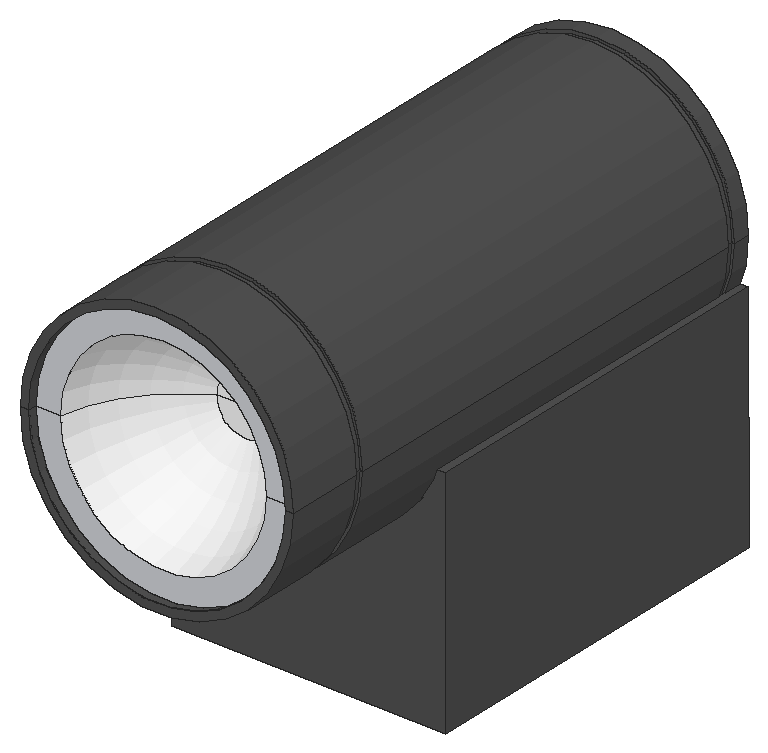
Revit family "0047059", category Lighting Fixtures, host Face, Revit 2016
Family settings
  Host = Face
  Part Type = Normal
  Round Connector Dimension = Use Diameter
  OmniClass Number = 23.80.70.00
  OmniClass Title = Lighting
  Cut with Voids When Loaded = No
  Light Source = Yes
  Shared = No
  Room Calculation Point = No
Parameters (values of type "0047059 ST SRF WLL R IP54 465LM 840 BLK")
  Weight = "8.0 kg"
  Wattage Comments = ""
  Wattage = 7 W
  WarrantyStartDate [instance] = "n/a"
  WarrantyGuarantorParts = "n/a"
  WarrantyDurationUnit = "n/a"
  WarrantyDurationParts = "n/a"
  WarrantyDescription = "n/a"
  built-in parameter 1150110 = 1 (stored number, unit not read)
  Voltage = 230 V
  URL = "http://www.sylvania-lighting.com"
  TypeName = "START Surface Wall Round IP54 465lm 840 BLK"
  Type Image = <None>
  Type Comments = "n/a"
  built-in parameter 1114217 = 1 (stored number, unit not read)
  Tilt Angle = -90.00°
  built-in parameter 1150109 = 1 (stored number, unit not read)
  built-in parameter 1150134 = (empty or 0)
  built-in parameter 1150113 = 1 (stored number, unit not read)
  SerialNumber [instance] = "n/a"
  Photometric Web File = "0047059.ies"
  Material_3_SYL = Lens-Sylvania
  PowerFactor = 0.82
  PowerConsumption = "7 W"
  NominalLength = 135 mm
  NominalHeight = 65 mm
  NominalDepth = 99 mm
  Name = "START Surface Wall Round IP54 465lm 840 BLK"
  ModelReference = Name  # "START Surface Wall Round IP54 465lm 840 BLK"
  ModelNumber = "0047059"
  Model = Name  # "START Surface Wall Round IP54 465lm 840 BLK"
  Material = "aluminum housing, glass diffuser"
  ManufacturerName = "Feilo Sylvania"
  Manufacturer = "Feilo Sylvania"
  LuminousEfficacy = "66 lm/W"
  built-in parameter 1150105 = 36.765 (stored number, unit not read)
  Lumens = 462 lm
  LuminaireType = ""
  built-in parameter 1150115 = 1 (stored number, unit not read)
  LightOutputRatio = "n/a"
  built-in parameter 1150137 = (empty or 0)
  built-in parameter 1150139 = (empty or 0)
  LampsType = Lamp  # "LED"
  LampNominalLuminous = "465 lm"
  LampMacAdamStep = "6"
  LampColourTemperature = "3000 K"
  LampColourRenderingIndex = "80"
  built-in parameter 1150112 = 1 (stored number, unit not read)
  built-in parameter 1150114 = 1 (stored number, unit not read)
  Lamp = "LED"
  Keynote = "16500"
  InstallationDate [instance] = "n/a"
  InputVoltage = "n/a"
  InputNominalFrequency = "n/a"
  built-in parameter 1150132 = (empty or 0)
  built-in parameter 1150102 = (empty or 0)
  built-in parameter 1150107 = 3000 (stored number, unit not read)
  built-in parameter 1150138 = (empty or 0)
  IngressProtection = "IP54"
  ImpactProtectionIndex = "IK07"
  built-in parameter 1150106 = 0.36765 (stored number, unit not read)
  IfcExportType = "IfcLightFixtureType"
  IfcExportAs = "IfcLightFixtureType"
  Emit from Circle Diameter = 45 mm
  Emit Shape Visible in Rendering = no
  ElectricShockClassification = "Class I"
  built-in parameter 1150104 = 6.1316 (stored number, unit not read)
  DocumentationLiterature = "http://www.sylvania-lighting.com/product/en-int/products/0047059"
  DimmingControlOptions = "n/a"
  Material_2_SYL = LED-Sylvania
  Dimming Lamp Color Temperature Shift = <None>
  Description = ""
  Default Elevation = 1219.2 mm
  CreatedOn = "1/31/2019"
  CreatedBy = "@sylvania-lighting.com"
  Cost = 0
  Color Filter = 16777215
  built-in parameter 1114216 [instance] = (empty or 0)
  ClassificationValue = "EF_70_80"
  ClassificationName = "Uniclass2015"
  Material_1_SYL = Body-Sylvania-STARTSurfaceWall
  BarCode [instance] = "n/a"
  built-in parameter 1114218 = 1 (stored number, unit not read)
  built-in parameter 1150133 = 10 (stored number, unit not read)
  AssetType = "Fixed"
  AssetIdentifier [instance] = "n/a"
  Assembly Code = "D5020200"
  Apparent Load = 7 VA
  Material_4_SYL = Reflector-Sylvania
Reference planes
  plane 1 "Center (Front/Back)": y = 0
  plane 2: z = 0
  plane 3 "Center (Left/Right)": x = 0
  plane 4: y = 45
  plane 5: y = -45
  plane 6: y = -90
  plane 7: x = 32.5
  plane 8: x = -32.5
  plane 9: z = 99
  plane 10: z = 66.5
  plane 11: z = 55.5
  plane 12: y = -69.5
  plane 13: y = -71.5
  plane 14: x = -31.7
  plane 15: y = 41
  plane 16: y = 39
  plane 17: x = -24.5
  plane 18: x = -30.5
  plane 19: y = -63.75
  plane 20: y = -88
  plane 21: x = -6.875
Forms (mm)
  Extrusion 1, solid, material "Body-Sylvania-STARTSurfaceWall" <- "Material_1_SYL"
    sketch origin (0, 0, 0) x (1, 0, 0) y (0, 0, 1)
      loop
        line (-32.5, 0) -> (32.5, 0) -> (32.5, 55.5) -> (30.582, 55.5)
        arc (30.582, 55.5) -> (0, 34) -> (-30.582, 55.5) r 32.5
        line (-30.582, 55.5) -> (-32.5, 55.5) -> (-32.5, 0)
    from -45 to 45
  Revolve 2, solid, material "Body-Sylvania-STARTSurfaceWall" <- "Material_1_SYL"
    sketch origin (1659.773, -4572, 66.5) x (0, -1, 0) y (1, 0, 0)
      loop
        line (-4617, -1659.773) -> (-4617, -1692.273) -> (-4613, -1692.273) -> (-4613, -1691.473) -> (-4611, -1691.473) -> (-4611, -1692.273) -> (-4502.5, -1692.273) -> (-4502.5, -1691.473) -> (-4500.5, -1691.473) -> (-4500.5, -1692.273) -> (-4482, -1692.273) -> (-4482, -1690.273) -> (-4613, -1690.273) -> (-4613, -1659.773) -> (-4617, -1659.773)
      axis (-4617, -1659.773) -> (-4482, -1659.773)
    angle from 360 to 0
  Extrusion 3, solid, material "Lens-Sylvania" <- "Material_3_SYL"
    sketch origin (1524, -88, 1219.2) x (1, 0, 0) y (0, 0, 1)
      loop
        circle (-1524, -1152.7) r 30.5
    from 0 to 2
  Revolve 4, solid
    sketch origin (1659.773, -4572, 66.5) x (0, -1, 0) y (1, 0, 0)
      loop
        arc (-4484, -1684.273) -> (-4498.09, -1678.165) -> (-4508.25, -1666.648) r 35.276
        line (-4508.25, -1666.648) -> (-4508.25, -1659.773) -> (-4611, -1659.773) -> (-4611, -1690.273) -> (-4484, -1690.273) -> (-4484, -1684.273)
      axis (-4611, -1659.773) -> (-4484, -1659.773)
    angle from 360 to 0
Lines and regions (mm)
  Split face 1
    outline origin (1524, -90, 1219.2) x (1, 0, 0) y (0, 0, 1)
      loop
        circle (-1524, -1152.7) r 24.5
  reference lines
    curve 1: circle (0, 0, 66.5) r 32.5 normal (0, -1, 0)
    curve 2: circle (0, -90, 66.5) r 24.5 normal (0, -1, 0)
Dimensions and locks
  locked: plane 9 to plane 2 at 99
  equal spacing: plane 8, plane 3 "Center (Left/Right)", plane 7
  locked: plane 8 to plane 7 at 65
  locked: plane 9 to plane 10 at 32.5
  locked: plane 10 to plane 11 at 11
  locked: plane 8 to plane 14 at 0.8
  locked: plane 8 to plane 17 at 8
  locked: plane 8 to plane 18 at 2
  locked: plane 21 to plane 3 "Center (Left/Right)" at 6.875
  locked: plane 1 "Center (Front/Back)" to plane 4 at 45
  locked: plane 6 to plane 4 at 135
  locked: plane 6 to plane 20 at 2
  plane 12 to plane 19 to plane 5 to plane 16 to plane 15 to plane 4 = 5.75 mm locked, 18.75 mm locked, 84 mm locked, 2 mm locked, 4 mm locked
  locked: plane 13 to plane 12 at 2
  aligned and locked: plane 2 to host face
  aligned and locked: level to host face
  aligned and locked: plane 3 "Center (Left/Right)" to curve 1
  aligned and locked: plane 10 to curve 1
  aligned and locked: Extrusion 1 sketch curve to curve 1
  aligned and locked: plane 7 to Extrusion 1 sketch curve
  aligned and locked: Extrusion 1 sketch curve to host face
  aligned and locked: plane 11 to Extrusion 1 sketch curve  (x2)
  aligned and locked: plane 5 to Extrusion 1
  aligned and locked: Extrusion 1 to plane 4
  aligned and locked: Revolve 2 sketch curve to plane 3 "Center (Left/Right)"  (x2)
  aligned and locked: Revolve 2 sketch curve to Extrusion 1  (x2)
  aligned and locked: plane 15 to Revolve 2 sketch curve
  aligned and locked: plane 14 to Revolve 2 sketch curve  (x2)
  aligned and locked: plane 16 to Revolve 2 sketch curve
  aligned and locked: plane 8 to Revolve 2 sketch curve  (x2)
  aligned and locked: Revolve 2 sketch curve to plane 12
  aligned and locked: plane 13 to Revolve 2 sketch curve
  aligned and locked: Revolve 2 sketch curve to plane 6
  aligned and locked: Revolve 2 sketch curve to plane 15
  aligned and locked: plane 3 "Center (Left/Right)" to curve 2
  aligned and locked: plane 10 to curve 2
  aligned and locked: plane 3 "Center (Left/Right)" to Extrusion 3 sketch curve
  aligned and locked: plane 10 to Extrusion 3 sketch curve
  aligned and locked: plane 6 to Extrusion 3
  aligned and locked: Extrusion 3 to plane 20
  aligned and locked: Split face 1 sketch curve to curve 2
  aligned and locked: Revolve 4 sketch curve to plane 3 "Center (Left/Right)"
  aligned and locked: plane 20 to Revolve 4 sketch curve
  aligned and locked: Revolve 4 sketch curve to plane 18
  aligned and locked: Revolve 4 sketch curve to plane 16
  aligned and locked: plane 3 "Center (Left/Right)" to Revolve 4 sketch curve
  aligned and locked: imposter light to plane 10
  aligned and locked: plane 6 to imposter light
  aligned and locked: plane 3 "Center (Left/Right)" to imposter light
Automatic sketch dimensions
  host sketch curve to host sketch curve = 2438.4 mm  (x2)
  Extrusion 1 sketch curve to plane 8 = 0 mm
  Extrusion 1 sketch curve to plane 7 = 0 mm
  Revolve 2 sketch curve to plane 18 = 0 mm
  Revolve 2 sketch curve to plane 4 = 1479 mm
  plane 6 to Revolve 2 sketch curve = 1440 mm
  plane 19 to Revolve 4 sketch curve = 0 mm
  Revolve 4 sketch curve to plane 17 = 0 mm
  Revolve 4 sketch curve to plane 21 = 0 mm
  plane 6 to Revolve 4 sketch curve = 4.649 mm
  Revolve 4 sketch curve to plane 4 = 1479 mm
  Revolve 4 sketch curve to Revolve 4 sketch curve = 1435.351 mm
  radius of curve 1 = 32.5 mm
  radius of curve 2 = 24.5 mm
  radius of Extrusion 3 sketch curve = 30.5 mm
